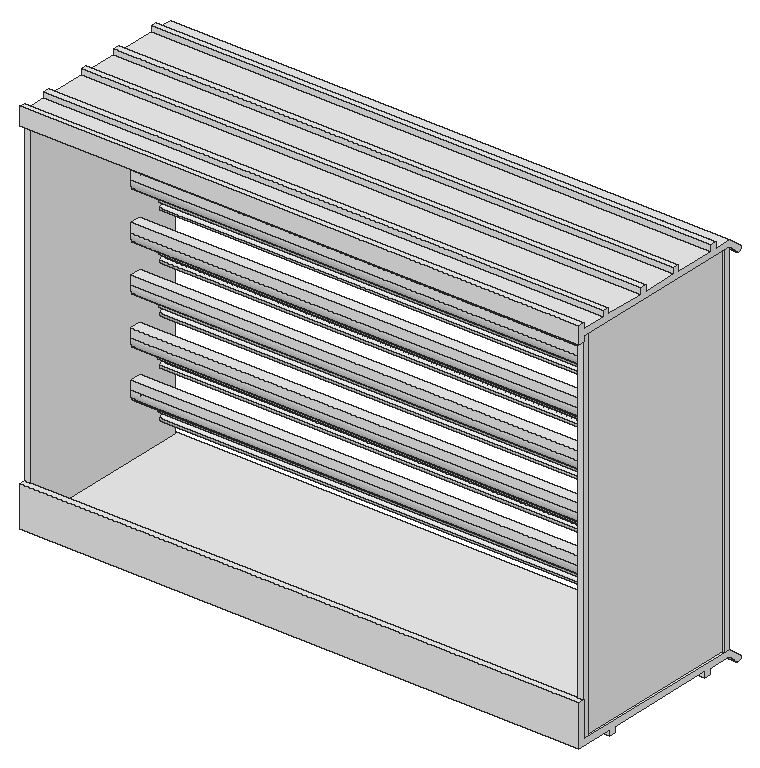
Revit family
Parameters (values of type "EBV-445")
  Width Control = if(Width < Min Width, Min Width, if(Width > Max Width, Max Width, Width))  # 1' - 0"
  Width = 1' - 0"
  Warranty = "http://www.alllite-louvers.com/All-Lite_Warranty.pdf"
  URL = "http://www.alllite-louvers.com/"
  Product URL = "http://www.alllite-louvers.com/catalog.php?model=EBV-445"
  Omni Class Title = "Exterior Louvers & Grilles"  # constant formula
  Omni Class Code = "23-60 11 17"  # constant formula
  Screen = "18 x 14 mesh aluminum"  # constant formula
  Model = "EBV-445"  # constant formula
  Minimum Size = "4'' x 2-3/8''"  # constant formula
  Min Width = 0' - 4"  # constant formula
  Min Height = 0' - 2 3/8"  # constant formula
  Maximum Size = "48'' x 24''"  # constant formula
  Max Width = 4' - 0"  # constant formula
  Max Height = 2' - 0"  # constant formula
  Manufacturer = "All-Lite"  # constant formula
  Louver Count = (Height Control - 0' 0 3/4") / 0' 1"  # 7
  Louver = Mill finish, 6063-T5 Extruded Aluminum
  Height Control = if(Height < Min Height, Min Height, if(Height > Max Height, Max Height, Height))  # 0' - 8"
  Height = 0' - 8"
  Frame = "4'' deep x .125'' thick with 1/8'' mortar ribs top and bottom (adds 1/4'' to overall nominal height)"  # constant formula
  Default Height = 4' - 0"
  Cut Sheet = "http://www.alllite-louvers.com/catalog/AEBV445.pdf"
  Blades = "45° x .125'' thick J-style"  # constant formula
  Blade Width = Width Control - 0' 0 1/4"  # 0' - 11 3/4"
  Blade Height = Height Control - 0' 8 5/16" + 0' 0 235/256"  # 0' - 0 155/256"
  Assembly Code = "B2010300"
  95 CSI = "10200"  # constant formula
  04 CSI = "08 91 00"  # constant formula
Reference planes (in)
  plane 1: y = 0
  plane 2 "Center (Left/Right)": x = 0
  plane 3 "Wall Edge": y = 6
  plane 4: z = 48
  plane 5: x = 6
  plane 6: x = -6
  plane 7: z = 56
  plane 8 "blade": y = 4.78125
  plane 9 "blade start": z = 48.5
  plane 10: z = 55.75
  plane 11: z = 50.25
  plane 12: y = 2
Forms (in)
  Sweep 1, solid, material "Mill finish, 6063-T5 Extruded Aluminum" <- "Louver"
    path origin (0, 6, 96) x (1, 0, 0) y (0, 0, -1)
      loop
        line (6, 48) -> (-6, 48)
    profile origin (0, 6, 48) x (0, 0, -1) y (0, -1, 0)
      loop
        line (0, 0) -> (0, 0.5) -> (0.125, 0.5) -> (0.125, 0.625) -> (0, 0.625) -> (0, 3.05305) -> (0.125, 3.05305) -> (0.125, 3.17805) -> (0, 3.17805) -> (0, 4) -> (-0.87342, 4) -> (-0.87342, 3.875) -> (-0.125, 3.875) -> (-0.125, -0.0455) -> (0.09502, -0.3077)
        arc (0.09502, -0.3077) -> (0.18307, -0.31541) -> (0.19077, -0.22735) r 0.0625
        line (0.19077, -0.22735) -> (0, 0)
  Sweep 2, solid, material "Mill finish, 6063-T5 Extruded Aluminum" <- "Louver"
    path origin (0, 6, 107.875) x (1, 0, 0) y (0, 0, -1)
      loop
        line (6, 52) -> (-6, 52)
    profile origin (0, 6, 55.875) x (0, 0, -1) y (0, -1, 0)
      loop
        line (0, 0) -> (0, 3.875) -> (0.125, 3.875) -> (0.125, 4) -> (-0.25, 4) -> (-0.25, 3.875) -> (-0.125, 3.875) -> (-0.125, 3.34914) -> (-0.25, 3.34914) -> (-0.25, 3.22414) -> (-0.125, 3.22414) -> (-0.125, 2.34914) -> (-0.25, 2.34914) -> (-0.25, 2.22414) -> (-0.125, 2.22414) -> (-0.125, 1.47258) -> (-0.25, 1.47258) -> (-0.25, 1.34758) -> (-0.125, 1.34758) -> (-0.125, 0.47258) -> (-0.25, 0.47258) -> (-0.25, 0.34758) -> (-0.125, 0.34758) -> (-0.125, -0.0455) -> (0.09502, -0.3077)
        arc (0.09502, -0.3077) -> (0.18307, -0.31541) -> (0.19077, -0.22735) r 0.0625
        line (0.19077, -0.22735) -> (0, 0)
  Sweep 3, solid, material "Mill finish, 6063-T5 Extruded Aluminum" <- "Louver"
    path origin (0, 6, 0) x (1, 0, 0) y (0, 0, 1)
      loop
        line (6, 55.875) -> (6, 48.125)
    profile origin (6, 6, 52) x (0, -1, 0) y (1, 0, 0)
      loop
        line (0, 0) -> (0, -0.125) -> (3.875, -0.125) -> (3.875, 0) -> (3.78125, 0) -> (3.78125, -0.06348) -> (0.09375, -0.06348) -> (0.09375, 0) -> (0, 0)
  Sweep 4, solid, material "Mill finish, 6063-T5 Extruded Aluminum" <- "Louver"
    path origin (0, 6, 0) x (-1, 0, 0) y (0, 0, 1)
      loop
        line (6, 55.875) -> (6, 48.125)
    profile origin (-6, 6, 52) x (0, -1, 0) y (1, 0, 0)
      loop
        line (0, 0) -> (0.09375, 0) -> (0.09375, 0.06348) -> (3.78125, 0.06348) -> (3.78125, 0) -> (3.875, 0) -> (3.875, 0.125) -> (0, 0.125) -> (0, 0)
Lines and regions (in)
  Opening 1
    outline origin (-60, -6, 0) x (1, 0, 0) y (0, 0, 1)
      loop
        line (66, 56) -> (54, 56) -> (54, 48) -> (66, 48) -> (66, 56)
Text (in)
  text "Placement Side" at (0, 40.15149, 123.01588), in view "Right"
  text "Placement Side" at (-70.3804, 28.46503, 0), in view "Ref. Level"
  text "Placement Side" at (0, 81.62555, 140.59947), in view "Left"
Dimensions and locks (in)
  locked: plane 3 "Wall Edge" to host wall
  "Default Height": level to plane 4
  "Height Control": plane 4 to plane 7
  equal spacing: plane 6, plane 2 "Center (Left/Right)", plane 5
  "Width Control": plane 6 to plane 5
  plane 4 to plane 9 "blade start" = 0' - 0 1/2"
  plane 10 to plane 7 = 0' - 0 1/4"
  locked: plane 8 "blade" to plane 3 "Wall Edge" at 1.21875
  equal spacing: group 1, group 3, group 4, group 5, group 6, group 7, group 2  (x3)
  aligned and locked: plane 7 to Opening 1 sketch curve
  aligned and locked: Opening 1 sketch curve to plane 5
  aligned and locked: Opening 1 sketch curve to plane 4
  aligned and locked: plane 6 to Opening 1 sketch curve
  aligned and locked: Sweep 1 sketch curve to plane 4
  aligned and locked: plane 2 "Center (Left/Right)" to nested 1
  aligned and locked: nested 1 to plane 9 "blade start"
  aligned and locked: plane 10 to nested 2
  aligned and locked: plane 2 "Center (Left/Right)" to nested 2
  aligned and locked: Sweep 3 sketch curve to plane 5
  aligned and locked: Sweep 2 to Sweep 3 sketch curve
  aligned and locked: Sweep 3 sketch curve to Sweep 1
  aligned and locked: Sweep 4 sketch curve to plane 6
  aligned and locked: Sweep 1 to Sweep 4 sketch curve
  aligned and locked: Sweep 4 sketch curve to Sweep 2
Automatic sketch dimensions
  plane 6 to Sweep 1 sketch curve = 0' - 0"
  plane 5 to Sweep 1 sketch curve = 0' - 0"
  Sweep 1 sketch curve to profile plane = 0' - 0"  (x3)
  Sweep 1 sketch curve to plane 3 "Wall Edge" = 0' - 0"
  profile plane to Sweep 1 sketch curve = 0' - 0 1/8"
  Sweep 1 sketch curve to Sweep 1 sketch curve = 0' - 0.74842"
  Sweep 1 sketch curve to profile plane = 0' - 0.09502"
  Sweep 1 sketch curve to profile plane = 0' - 0 1/8"  (x2)
  Sweep 1 sketch curve to Sweep 1 sketch curve = 0' - 0.04788"  (x2)
  Sweep 1 sketch curve to plane 3 "Wall Edge" = 0' - 0.0455"
  Sweep 1 sketch curve to plane 3 "Wall Edge" = 0' - 0.22735"
  Sweep 1 sketch curve to Sweep 1 sketch curve = 0' - 0.04017"
  plane 3 "Wall Edge" to Sweep 1 sketch curve = 0' - 0 1/2"
  Sweep 1 sketch curve to Sweep 1 sketch curve = 0' - 0 1/8"  (x3)
  Sweep 1 sketch curve to Sweep 1 sketch curve = 0' - 2.42805"
  Sweep 1 sketch curve to Sweep 1 sketch curve = 0' - 0.69695"
  plane 6 to Sweep 2 sketch curve = 0' - 0"
  plane 5 to Sweep 2 sketch curve = 0' - 0"
  plane 7 to Sweep 2 sketch curve = 0' - 0 1/8"
  Sweep 2 sketch curve to profile plane = 0' - 0"
  Sweep 2 sketch curve to plane 3 "Wall Edge" = 0' - 0"
  profile plane to Sweep 2 sketch curve = 0' - 0 1/8"  (x3)
  Sweep 2 sketch curve to Sweep 2 sketch curve = 0' - 0"  (x3)
  Sweep 2 sketch curve to Sweep 2 sketch curve = 0' - 0 1/8"  (x10)
  Sweep 2 sketch curve to profile plane = 0' - 0.09502"
  Sweep 2 sketch curve to profile plane = 0' - 0 1/8"
  Sweep 2 sketch curve to Sweep 2 sketch curve = 0' - 0.04788"  (x2)
  Sweep 2 sketch curve to plane 3 "Wall Edge" = 0' - 0.0455"
  Sweep 2 sketch curve to plane 3 "Wall Edge" = 0' - 0.22735"
  Sweep 2 sketch curve to Sweep 2 sketch curve = 0' - 0.04017"
  plane 3 "Wall Edge" to Sweep 2 sketch curve = 0' - 0.34758"
  Sweep 2 sketch curve to Sweep 2 sketch curve = 0' - 0 7/8"  (x2)
  Sweep 2 sketch curve to Sweep 2 sketch curve = 0' - 0.75157"
  Sweep 2 sketch curve to Sweep 2 sketch curve = 0' - 0.52586"
  plane 3 "Wall Edge" to Sweep 3 sketch curve = 0' - 0"
  Sweep 3 sketch curve to profile plane = 0' - 0"  (x2)
  Sweep 3 sketch curve to Sweep 3 sketch curve = 0' - 0 3/32"  (x2)
  profile plane to Sweep 3 sketch curve = 0' - 0.06348"
  Sweep 3 sketch curve to Sweep 3 sketch curve = 0' - 3 11/16"
  Sweep 3 sketch curve to Sweep 3 sketch curve = 0' - 0.06152"
  plane 3 "Wall Edge" to Sweep 4 sketch curve = 0' - 0"
  Sweep 4 sketch curve to profile plane = 0' - 0"  (x2)
  Sweep 4 sketch curve to Sweep 4 sketch curve = 0' - 0 3/32"  (x2)
  Sweep 4 sketch curve to profile plane = 0' - 0.06348"
  Sweep 4 sketch curve to Sweep 4 sketch curve = 0' - 3 11/16"
  Sweep 4 sketch curve to Sweep 4 sketch curve = 0' - 0.06152"
Nested families (in)
  nested 1: "445EBV" at (0, 4.78125, 48.5), type "445EBV"
    with W 0' - 11 3/4"
  nested 2: "445EBV" at (0, 4.78125, 54.56128), type "445EBV"
    with W 0' - 11 3/4"
  nested 3: "445EBV" at (0, 4.78125, 49.51021), type "445EBV"
    with W 0' - 11 3/4"
  nested 4: "445EBV" at (0, 4.78125, 50.52043), type "445EBV"
    with W 0' - 11 3/4"
  nested 5: "445EBV" at (0, 4.78125, 51.53064), type "445EBV"
    with W 0' - 11 3/4"
  nested 6: "445EBV" at (0, 4.78125, 52.54086), type "445EBV"
    with W 0' - 11 3/4"
  nested 7: "445EBV" at (0, 4.78125, 53.55107), type "445EBV"
    with W 0' - 11 3/4"
Definition of nested family "445EBV"
  Parameters (values of type "445EBV")
    W = 3' - 10"
    Louver = Mill finish, 6063-T5 Extruded Aluminum
  Reference planes (in)
    plane 1 "Center (Front/Back)": y = 0
    plane 2: z = 0
    plane 3 "Center (Left/Right)": x = 0
    plane 4: x = 23
    plane 5: x = -23
  Forms (in)
    Sweep 1, solid, material "Mill finish, 6063-T5 Extruded Aluminum" <- "Louver"
      path origin (-1.1111, -24.25, 1.18872) x (1, 0, 0) y (0, 1, 0)
        loop
          line (24.1111, 24.25) -> (-21.8889, 24.25)
      profile "145 BladeProfilerfa : 145 BladeProfilerfa" origin (0, 0, 1.18872) x (0, -1, 0) y (0, 0, 1)
        loop
          line (0, 0) -> (-0.25, 0) -> (-1.24222, -0.99222) -> (-1.24222, -1.18872) -> (-0.90407, -1.18872)
          arc (-0.90407, -1.18872) -> (-0.85826, -1.16722) -> (-0.81683, -1.13817) r 0.29303
          arc (-0.81683, -1.13817) -> (-0.79679, -1.10941) -> (-0.79398, -1.07447) r 0.06712
          arc (-0.79398, -1.07447) -> (-0.82431, -1.03774) -> (-0.87153, -1.044) r 0.04912
          arc (-0.87153, -1.044) -> (-0.95018, -1.05279) -> (-0.99669, -0.98877) r 0.07869
          arc (-0.99669, -0.98877) -> (-0.95826, -0.91742) -> (-0.87775, -0.92669) r 0.07223
          arc (-0.87775, -0.92669) -> (-0.85552, -0.94414) -> (-0.83182, -0.95954) r 0.31717
          arc (-0.83182, -0.95954) -> (-0.77057, -0.95047) -> (-0.7665, -0.88868) r 0.0493
          arc (-0.7665, -0.88868) -> (-0.77792, -0.87385) -> (-0.79057, -0.86006) r 0.21751
          line (-0.79057, -0.86006) -> (-0.82928, -0.82136) -> (-0.37515, -0.36723) -> (-0.32651, -0.41587)
          arc (-0.32651, -0.41587) -> (-0.25731, -0.42565) -> (-0.2272, -0.36258) r 0.05908
          arc (-0.2272, -0.36258) -> (-0.23779, -0.33552) -> (-0.25748, -0.31414) r 0.07874
          arc (-0.25748, -0.31414) -> (-0.28092, -0.25878) -> (-0.24416, -0.2112) r 0.05954
          arc (-0.24416, -0.2112) -> (-0.20199, -0.20239) -> (-0.15938, -0.20878) r 0.12198
          arc (-0.15938, -0.20878) -> (-0.12067, -0.25368) -> (-0.14122, -0.3093) r 0.05837
          arc (-0.14122, -0.3093) -> (-0.15137, -0.32543) -> (-0.1497, -0.34442) r 0.02985
          arc (-0.1497, -0.34442) -> (-0.13175, -0.37529) -> (-0.10731, -0.40134) r 0.15764
          arc (-0.10731, -0.40134) -> (-0.07931, -0.40912) -> (-0.05523, -0.39286) r 0.03466
          arc (-0.05523, -0.39286) -> (-0.01407, -0.2977) -> (0, -0.19497) r 0.38211
          line (0, -0.19497) -> (0, 0)
  Dimensions and locks (in)
    equal spacing: plane 5, plane 3 "Center (Left/Right)", plane 4
    "W": plane 5 to plane 4
    aligned and locked: plane 2 to level
    aligned and locked: plane 5 to Sweep 1 sketch curve
    aligned and locked: plane 4 to Sweep 1 sketch curve
  Automatic sketch dimensions
    plane 1 "Center (Front/Back)" to Sweep 1 sketch curve = 0' - 0"
